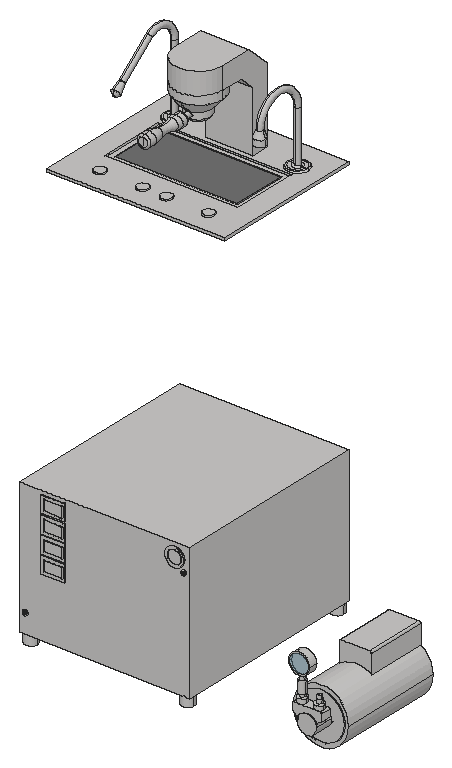
Revit family "QF_MAVAN_SINGLE GROUP", category Specialty Equipment, Revit 2016
Family settings
  Part Type = Normal
  Round Connector Dimension = Use Diameter
  Work Plane-Based = No
  Always vertical = Yes
  Cut with Voids When Loaded = No
  Shared = No
  Room Calculation Point = No
Parameters
  Weight in Pounds = 0
  Watts = if(Phase = 3, Volts * FL Amps * 1.73, Volts * FL Amps)  # 4800 W
  Waste Water Discharge Temperature = 0 °F
  Volts = 240 V
  URL Cutsheet = ""
  Specification by User = ""
  Specification by Manufacturer = ""
  Serial Number = ""
  Seismic Rating = ""
  SMACNA No = ""
  Revision Code = ""
  Plumbing Remarks = ""
  Plumbing Connection Type = ""
  Phase = 1
  Number of Poles = 1
  NAFEM Spec ID Number = ""
  Model = "SINGLE GROUP"
  Min Ckt Ampacity = 0 A
  Max Overcurrent Protection = 0 A
  Masterspec = ""
  Manufacturer = "MAVAM"
  Length = 16"
  Item Number = ""
  Installed By = ""
  Indirect Waste Size = 3/4"
  Indirect Waste Flow = 0 GPM
  Indirect Waste Connection Type = ""
  Indirect Waste Connection Height = 0"
  Identify Quantity as Lot = yes
  Height = 9"
  HP = ""
  Furnished By = ""
  Foodservice Equipment Identifier = yes
  FL Amps = 20 A
  Electrical Remarks = ""
  Electric Connection Type = ""
  Elec Conn RI Height = 0"
  Elec Conn Connection Height = 0"
  Depth = 14"
  Cycle = 60 Hz
  Conn Plug = ""
  Conn Conduit = yes
  Cold Water Temperature Recommended = 0 °F
  Cold Water Size = 1/2"
  Cold Water RI Height = 0"
  Cold Water Minimum Pressure = 0.00 psi
  Cold Water Maximum Pressure = 0.00 psi
  Cold Water Flow = 0 GPM
  Cold Water Consumption = ""
  Cold Water Connection Height = 0"
  CSI MasterFormat = ""
  Apparent Power = if(Phase = 3, Volts * FL Amps * 1.73, Volts * FL Amps)  # 4800 VA
Reference planes (in)
  plane 1 "BACK": y = 0
  plane 2: z = 0
  plane 3 "LEFT": x = 0
  plane 4 "RIGHT": x = 16
  plane 5 "FRONT": y = -14
  plane 6 "TOP": z = 9
  plane 7 "Center Y": x = 8
  plane 8 "Center X": y = -7
  plane 9: z = 0.12567
  plane 10: z = -36
Forms (in)
  Extrusion 1, solid, material "QF_Metal - Stainless - Polished"
    sketch origin (0, 0, 0) x (1, 0, 0) y (0, 1, 0)
      loop
        line (0, 0) -> (0, -14) -> (16, -14) -> (16, 0) -> (0, 0)
      loop
        line (2, -4) -> (2, -10) -> (14, -10) -> (14, -4) -> (2, -4)
    from 0 to 0.25135
  Extrusion 2, solid, material "QF_Metal - Stainless - Polished"
    sketch origin (0, 0, 0) x (0, 1, 0) y (1, 0, 0)
      loop
        line (-4, 2) -> (-4, 14) -> (-10, 14) -> (-10, 2) -> (-4, 2)
      loop
        line (-4.5, 13.5) -> (-9.5, 13.5) -> (-9.5, 2.5) -> (-4.5, 2.5) -> (-4.5, 13.5)
    from 0 to -0.12567
  Revolve 3, solid, material "QF_Metal - Stainless - Polished"
    sketch origin (8, 0, 0) x (0, 1, 0) y (0, 0, 1)
      loop
        line (-7, 6.27899) -> (-9.09163, 6.27899)
        arc (-9.09163, 6.27899) -> (-8.64586, 5.66447) -> (-8.09936, 5.13751) r 4.31841
        line (-8.09936, 5.13751) -> (-8.09936, 4.5346) -> (-7.84375, 4.27899) -> (-7, 4.27899) -> (-7, 6.27899)
      axis (-7, 4.27899) -> (-7, 6.27899)
    angle from 0 to 360
  Extrusion 4, solid, material "QF_Metal - Stainless - Polished"
    sketch origin (0, 0, 0) x (1, 0, 0) y (0, 1, 0)
      loop
        circle (8, -6.94694) r 2.14469
    from 7.02899 to 6.27899
  Revolve 5, solid, material "QF_Metal - Stainless - Polished"
    sketch origin (8, 0, 0) x (0, 1, 0) y (0, 0, 1)
      loop
        line (-7.90149, 5.07611) -> (-8.84936, 5.07611) -> (-8.84936, 5.30772)
        arc (-8.84936, 5.30772) -> (-8.8755, 5.37085) -> (-8.93862, 5.39699) r 0.08927
        line (-8.93862, 5.39699) -> (-9.4544, 5.39699)
        arc (-9.4544, 5.39699) -> (-9.69042, 5.3759) -> (-9.91897, 5.31329) r 1.33104
        arc (-9.91897, 5.31329) -> (-10.74658, 5.15179) -> (-11.58214, 5.26521) r 2.58527
        arc (-11.58214, 5.26521) -> (-12.01507, 5.36386) -> (-12.45786, 5.39699) r 2.97553
        line (-12.45786, 5.39699) -> (-13.06483, 5.39699)
        arc (-13.06483, 5.39699) -> (-13.15455, 5.35983) -> (-13.19172, 5.2701) r 0.12689
        line (-13.19172, 5.2701) -> (-13.19172, 4.83605) -> (-7.90149, 4.83605) -> (-7.90149, 5.07611)
      axis (-13.19172, 4.83605) -> (-7.90149, 4.83605)
    angle from 0 to 360
  Extrusion 6, solid, material "QF_Rubber - Black - Smooth"
    sketch origin (0, 0, 0.12567) x (0, 1, 0) y (-1, 0, 0)
      loop
        line (-4.5, -2.5) -> (-9.5, -2.5) -> (-9.5, -13.5) -> (-4.5, -13.5) -> (-4.5, -2.5)
    from 0 to -0.12567
  Sweep 7, solid, material "QF_Metal - Stainless - Polished"
    path origin (13.5625, 0, 0) x (0, 1, 0) y (0, 0, -1)
      loop
        line (-2.75, 0.12438) -> (-2.75, -5.12562)
        arc (-2.75, -5.12562) -> (-4.875, -7.25062) -> (-7, -5.12562) r 2.125
    profile origin (13.5625, -2.75, 2.50062) x (0, 1, 0) y (-1, 0, 0)
      loop
        circle (0, 0) r 0.25
  Revolve 8, solid, material "QF_Metal - Stainless - Polished"
    sketch origin (-10.88143, -7, 47.9375) x (-1, 0, 0) y (0, 0, 1)
      loop
        line (-24.44393, -43.99254) -> (-23.92904, -43.99254) -> (-23.92904, -43.46169) -> (-24.1965, -42.81188) -> (-24.44393, -42.81188) -> (-24.44393, -43.99254)
      axis (-24.44393, -43.99254) -> (-24.44393, -42.81188)
    angle from 0 to 360
  Revolve 9, solid, material "QF_Metal - Stainless - Polished"
    sketch origin (0, -2.75, 0.25135) x (0, 0, 1) y (1, 0, 0)
      loop
        line (0, 13.5625) -> (0, 12.59083) -> (0.07851, 12.66934)
        arc (0.07851, 12.66934) -> (0.1051, 12.70913) -> (0.11444, 12.75607) r 0.12265
        line (0.11444, 12.75607) -> (0.11444, 13.12999) -> (0.18533, 13.25279) -> (0.18533, 13.5625) -> (0, 13.5625)
      axis (0, 13.5625) -> (0.18533, 13.5625)
    angle from 0 to 360
  Sweep 10, solid, material "QF_Metal - Stainless - Polished"
    path origin (2.4375, 0, 0) x (0, 1, 0) y (0, 0, 1)
      loop
        line (-2.75, -0.12438) -> (-2.75, 6.69782)
        arc (-2.75, 6.69782) -> (-3.73285, 8.27071) -> (-5.57741, 8.07684) r 1.75
        line (-5.57741, 8.07684) -> (-8.61805, 5.70123)
    profile origin (2.4375, -2.75, 3.28672) x (0, -1, 0) y (1, 0, 0)
      loop
        circle (0, 0) r 0.25
  Revolve 11, solid, material "QF_Metal - Stainless - Polished"
    sketch origin (16, -2.75, 0.25135) x (0, 0, 1) y (1, 0, 0)
      loop
        line (0, -13.5625) -> (0.18533, -13.5625) -> (0.18533, -13.25279) -> (0.11444, -13.12999) -> (0.11444, -12.75607)
        arc (0.11444, -12.75607) -> (0.1051, -12.70913) -> (0.07851, -12.66934) r 0.12265
        line (0.07851, -12.66934) -> (0, -12.59083) -> (0, -13.5625)
      axis (0, -13.5625) -> (0.18533, -13.5625)
    angle from 0 to 360
  Revolve 12, solid, material "QF_Metal - Stainless - Polished"
    sketch origin (2.4375, -180, 5.89823) x (0, 0, 1) y (0, -1, 0)
      loop
        line (-0.90922, -170.47036) -> (-1.00327, -170.58244) -> (-1.03245, -170.9405) -> (-0.39401, -171.53586) -> (-0.197, -171.38195) -> (-0.90922, -170.47036)
      axis (-0.197, -171.38195) -> (-0.90922, -170.47036)
    angle from 0 to 360
  Extrusion 13, solid, material "QF_Metal - Stainless - Polished"
    sketch origin (0, 0, 0.25135) x (1, 0, 0) y (0, 1, 0)
      loop
        circle (3.10599, -11.95223) r 0.5
      loop
        circle (6.96283, -11.95223) r 0.5
      loop
        circle (9.09967, -11.95223) r 0.5
      loop
        circle (12.89401, -11.95223) r 0.5
    from 0 to 0.0625
  Extrusion 14, solid, material "QF_Metal - Stainless - Polished"
    sketch origin (0, 0, 0) x (1, 0, 0) y (0, 1, 0)
      loop
        circle (8, -7) r 0.25
    from 0 to -0.03558
  Extrusion 15, solid, material "QF_Metal - Stainless - Polished"
    sketch origin (5.85531, -0.625, 0) x (0, -1, 0) y (0, 0, 1)
      loop
        line (9.46663, 9) -> (3.34601, 9) -> (1.375, 7.02899) -> (1.375, 0.25135) -> (2.875, 0.25135) -> (2.875, 5.74476) -> (4.15923, 7.02899) -> (9.46663, 7.02899) -> (9.46663, 9)
    from 0 to -4.28939
  Extrusion 16, void
    sketch origin (5.85531, -9.09163, 9) x (-1, 0, 0) y (0, 1, 0)
      loop
        arc (0, 2.14469) -> (-2.14469, 0) -> (-4.28939, 2.14469) r 2.14469
        line (-4.28939, 2.14469) -> (-5.28939, 2.14469) -> (-5.28939, -2.10531) -> (1, -2.10531) -> (1, 2.14469) -> (0, 2.14469)
    from 0 to 3
Cuts and joins
  Extrusion 16 cuts Extrusion 1
  Extrusion 16 cuts Sweep 7
  Extrusion 16 cuts Sweep 10
  joined: Extrusion 1, Sweep 7, Sweep 10
  Extrusion 16 cuts Extrusion 2
  Extrusion 16 cuts Revolve 5
  Extrusion 16 cuts Extrusion 6
  Extrusion 16 cuts Extrusion 15
Lines and regions (in)
  Split face 1
    outline origin (0, 0, 0.25135) x (1, 0, 0) y (0, 1, 0)
      loop
        line (4.34801, -11.60618) -> (4.34801, -12.26243) -> (5.69102, -12.26243) -> (5.69102, -11.60618) -> (4.34801, -11.60618)
  symbolic lines
    curve 1: line (0, 0, 0) -> (16, 0, 0)
    curve 2: line (0, -14, 0) -> (0, 0, 0)
    curve 3: line (16, -14, 0) -> (0, -14, 0)
    curve 4: line (16, 0, 0) -> (16, -14, 0)
    curve 5: line (5.85531, -2, 0) -> (5.85531, -6.94694, 0)
    curve 6: arc (5.85531, -6.94694, 0) -> (8, -9.09163, 0) -> (10.14469, -6.94694, 0) r 2.14469
    curve 7: line (10.14469, -6.94694, 0) -> (10.14469, -2, 0)
    curve 8: line (10.14469, -2, 0) -> (5.85531, -2, 0)
    curve 9: line (2, -10, 0) -> (2, -4, 0)
    curve 10: line (14, -10, 0) -> (8.45236, -10, 0)
    curve 11: line (14, -4, 0) -> (14, -6.72251, 0)
    curve 12: line (2, -4, 0) -> (2.19072, -4, 0)
    curve 13: circle (3.10599, -11.95223, 0) r 0.5 normal (0, 0, 1)
    curve 14: circle (6.96283, -11.95223, 0) r 0.5 normal (0, 0, 1)
    curve 15: circle (9.09967, -11.95223, 0) r 0.5 normal (0, 0, 1)
    curve 16: circle (12.89401, -11.95223, 0) r 0.5 normal (0, 0, 1)
    curve 17: line (5.69102, -11.60618, 0) -> (4.34801, -11.60618, 0)
    curve 18: line (4.34801, -11.60618, 0) -> (4.34801, -12.26243, 0)
    curve 19: line (4.34801, -12.26243, 0) -> (5.69102, -12.26243, 0)
    curve 20: line (5.69102, -12.26243, 0) -> (5.69102, -11.60618, 0)
    curve 21: line (7.44257, -9.01792, 0) -> (7.44257, -9.59051, 0)
    curve 22: line (7.43297, -13.06181, 0) -> (7.43297, -12.32819, 0)
    curve 23: arc (7.64046, -11.30101, 0) -> (7.51412, -11.81004, 0) -> (7.43297, -12.32819, 0) r 5.96485
    curve 24: arc (7.52348, -9.92922, 0) -> (7.5358, -9.96452, 0) -> (7.54764, -10, 0) r 2.70145
    curve 25: arc (7.52348, -9.92922, 0) -> (7.47385, -9.76205, 0) -> (7.44257, -9.59051, 0) r 1.6117
    curve 26: arc (7.54764, -10, 0) -> (7.67375, -10.64482, 0) -> (7.64046, -11.30101, 0) r 2.70145
    curve 27: line (7.54764, -10, 0) -> (2, -10, 0)
    curve 28: line (8.42745, -13.19022, 0) -> (7.56138, -13.19022, 0)
    curve 29: arc (7.56138, -13.19022, 0) -> (7.47058, -13.15261, 0) -> (7.43297, -13.06181, 0) r 0.12841
    curve 30: line (8.55743, -9.01792, 0) -> (8.55743, -9.59051, 0)
    curve 31: line (8.56703, -13.06181, 0) -> (8.56703, -12.32819, 0)
    curve 32: arc (8.35954, -11.30101, 0) -> (8.48588, -11.81004, 0) -> (8.56703, -12.32819, 0) r 5.96485
    curve 33: arc (8.47652, -9.92922, 0) -> (8.4642, -9.96452, 0) -> (8.45236, -10, 0) r 2.70145
    curve 34: arc (8.47652, -9.92922, 0) -> (8.52615, -9.76205, 0) -> (8.55743, -9.59051, 0) r 1.6117
    curve 35: arc (8.45236, -10, 0) -> (8.32625, -10.64482, 0) -> (8.35954, -11.30101, 0) r 2.70145
    curve 36: arc (8.43862, -13.19022, 0) -> (8.52942, -13.15261, 0) -> (8.56703, -13.06181, 0) r 0.12841
    curve 37: arc (13.31813, -6.54889, 0) -> (13.57062, -7.51485, 0) -> (13.80687, -6.54478, 0) r 0.51487
    curve 38: line (13.31813, -2.76001, 0) -> (13.31813, -7.00429, 0)
    curve 39: line (13.80687, -2.76001, 0) -> (13.80687, -7.00429, 0)
    curve 40: arc (13.80687, -3.68781, 0) -> (13.57364, -1.79489, 0) -> (13.31813, -3.68494, 0) r 0.96154
    curve 41: line (13.80687, -4, 0) -> (14, -4, 0)
    curve 42: arc (13.31813, -7.00429, 0) -> (13.5625, -7.24866, 0) -> (13.80687, -7.00429, 0) r 0.24437
    curve 43: arc (13.31813, -2.94028, 0) -> (13.5625, -2.44029, 0) -> (13.80687, -2.94028, 0) r 0.30971
    curve 44: arc (13.31813, -3.10187, 0) -> (13.5625, -2.31749, 0) -> (13.80687, -3.10187, 0) r 0.43026
    curve 45: line (14, -7.27749, 0) -> (14, -10, 0)
    curve 46: line (2.19072, -2.74981, 0) -> (2.19072, -4, 0)
    curve 47: line (2.04681, -9.29276, 0) -> (2.19072, -8.62821, 0)
    curve 48: arc (2.19373, -9.48168, 0) -> (2.0937, -9.40788, 0) -> (2.04681, -9.29276, 0) r 0.22953
    curve 49: arc (2.19373, -9.48168, 0) -> (2.43845, -9.53548, 0) -> (2.68303, -9.48101, 0) r 0.57984
    curve 50: line (2.82819, -9.29276, 0) -> (2.68428, -8.62821, 0)
    curve 51: arc (2.68303, -9.48101, 0) -> (2.78187, -9.40714, 0) -> (2.82819, -9.29276, 0) r 0.22953
    curve 52: line (2.68428, -2.74981, 0) -> (2.68428, -4, 0)
    curve 53: line (5.85531, -4.5, 0) -> (2.68428, -4.5, 0)
    curve 54: line (13.31813, -4.5, 0) -> (10.14469, -4.5, 0)
    curve 55: line (13.5, -9.5, 0) -> (8.55743, -9.5, 0)
    curve 56: line (13.5, -9.5, 0) -> (13.5, -7.51059, 0)
    curve 57: line (7.44257, -9.5, 0) -> (2.63738, -9.5, 0)
    curve 58: arc (3.40917, -2.75, 0) -> (2.4375, -1.77833, 0) -> (1.46583, -2.75, 0) r 0.97167
    curve 59: arc (1.46583, -2.75, 0) -> (1.6681, -3.34345, 0) -> (2.19072, -3.68981, 0) r 0.97167
    curve 60: arc (2.19072, -2.93714, 0) -> (2.4375, -2.44029, 0) -> (2.68428, -2.93714, 0) r 0.30971
    curve 61: arc (2.19072, -3.09913, 0) -> (2.4375, -2.31749, 0) -> (2.68428, -3.09913, 0) r 0.42978
    curve 62: arc (2.68428, -3.68981, 0) -> (3.2069, -3.34345, 0) -> (3.40917, -2.75, 0) r 0.97167
    curve 63: line (10.14469, -4, 0) -> (13.31813, -4, 0)
    curve 64: line (2.19072, -4, 0) -> (2.19072, -8.62821, 0)
    curve 65: line (2.68428, -4, 0) -> (2.68428, -8.62821, 0)
    curve 66: line (2.68428, -4, 0) -> (5.85531, -4, 0)
Dimensions and locks (in)
  equal spacing: plane 3 "LEFT", plane 7 "Center Y", plane 4 "RIGHT"
  "Length": plane 3 "LEFT" to plane 4 "RIGHT"
  equal spacing: plane 5 "FRONT", plane 8 "Center X", plane 1 "BACK"
  "Depth": plane 5 "FRONT" to plane 1 "BACK"
  "Height": plane 6 "TOP" to level
  locked: level to plane 10 at 36
  aligned and locked: plane 2 to level
  aligned and locked: plane 10 to nested 1
Automatic sketch dimensions
  Extrusion 1 sketch curve to plane 3 "LEFT" = 0"
  plane 1 "BACK" to Extrusion 1 sketch curve = 0"
  Extrusion 1 sketch curve to plane 4 "RIGHT" = 0"
  plane 5 "FRONT" to Extrusion 1 sketch curve = 0"
  plane 3 "LEFT" to Extrusion 1 sketch curve = 2"
  plane 4 "RIGHT" to Extrusion 1 sketch curve = 2"
  Extrusion 1 sketch curve to plane 8 "Center X" = 3"
  plane 8 "Center X" to Extrusion 1 sketch curve = 3"
  Extrusion 2 sketch curve to Extrusion 1 = 0"  (x4)
  Extrusion 2 sketch curve to Extrusion 1 = 1/2"  (x4)
  Revolve 3 sketch curve to plane 8 "Center X" = 0"  (x2)
  Revolve 3 sketch curve to plane 8 "Center X" = 27/32"
  Revolve 3 sketch curve to Revolve 3 sketch curve = 0.25561"  (x2)
  Revolve 3 sketch curve to Revolve 3 sketch curve = 0.99227"
  Revolve 3 sketch curve to plane 6 "TOP" = 0.5024"
  plane 8 "Center X" to Revolve 3 sketch curve = 1 157/256"
  Revolve 3 sketch curve to Revolve 3 sketch curve = 0.60291"
  Revolve 3 sketch curve to Revolve 3 sketch curve = 0"
  Revolve 5 sketch curve to plane 5 "FRONT" = 0.80828"
  Revolve 5 sketch curve to Revolve 5 sketch curve = 0.12689"
  Revolve 5 sketch curve to plane 5 "FRONT" = 1.54214"
  Revolve 5 sketch curve to Revolve 5 sketch curve = 1.63658"
  Revolve 5 sketch curve to plane 8 "Center X" = 2.4544"
  Revolve 5 sketch curve to Revolve 5 sketch curve = 0.51578"
  Revolve 5 sketch curve to Revolve 5 sketch curve = 0.08927"
  Revolve 5 sketch curve to plane 8 "Center X" = 0.90149"
  Revolve 5 sketch curve to Revolve 5 sketch curve = 0.23161"
  Revolve 5 sketch curve to Revolve 5 sketch curve = 0.24006"
  Revolve 5 sketch curve to Revolve 5 sketch curve = 1.01016"
  plane 9 to Revolve 5 sketch curve = 2.29578"
  Revolve 5 sketch curve to Revolve 5 sketch curve = 0"  (x2)
  Revolve 5 sketch curve to Revolve 5 sketch curve = 0.19787"
  Revolve 5 sketch curve to Revolve 5 sketch curve = 0.38378"
  Extrusion 6 sketch curve to Extrusion 2 = 0"  (x3)
  Extrusion 2 to Extrusion 6 sketch curve = 0"
  profile plane to Sweep 7 sketch curve = 0"
  Sweep 7 sketch curve to profile plane = 0"
  plane 9 to Revolve 9 sketch curve = 0.11747"
  plane 9 to Revolve 9 sketch curve = 0.12567"
  Revolve 9 sketch curve to Revolve 9 sketch curve = 0.07851"  (x2)
  plane 9 to Revolve 9 sketch curve = 0.24011"
  Revolve 9 sketch curve to Revolve 9 sketch curve = 0.0709"  (x2)
  Revolve 9 sketch curve to Revolve 9 sketch curve = 0.37392"
  Revolve 9 sketch curve to Revolve 9 sketch curve = 0.1228"
  Revolve 9 sketch curve to Revolve 9 sketch curve = 0.30971"
  Revolve 9 sketch curve to Revolve 9 sketch curve = 0.14354"
  Revolve 9 sketch curve to Revolve 9 sketch curve = 0"
  Sweep 10 sketch curve to profile plane = 0"  (x2)
  plane 9 to Revolve 11 sketch curve = 0.11747"
  plane 9 to Revolve 11 sketch curve = 0.12567"
  Revolve 11 sketch curve to Revolve 11 sketch curve = 0.07851"  (x2)
  plane 9 to Revolve 11 sketch curve = 0.24011"
  Revolve 11 sketch curve to Revolve 11 sketch curve = 0.0709"  (x2)
  plane 3 "LEFT" to Revolve 11 sketch curve = 2 7/16"
  Revolve 11 sketch curve to Revolve 11 sketch curve = 0.30971"
  Revolve 11 sketch curve to Revolve 11 sketch curve = 0.1228"
  Revolve 11 sketch curve to Revolve 11 sketch curve = 0.37392"
  Revolve 11 sketch curve to Revolve 11 sketch curve = 0.14354"
  Revolve 11 sketch curve to Revolve 11 sketch curve = 0"
  plane 4 "RIGHT" to Revolve 8 sketch curve = 2 7/16"
  Revolve 8 sketch curve to Revolve 8 sketch curve = 0.51489"
  Revolve 8 sketch curve to Revolve 8 sketch curve = 0.53084"
  Revolve 8 sketch curve to Revolve 8 sketch curve = 0.64981"
  Revolve 8 sketch curve to Revolve 8 sketch curve = 0"  (x2)
  Revolve 8 sketch curve to Revolve 8 sketch curve = 0.24743"
  Revolve 8 sketch curve to Revolve 8 sketch curve = 0.42581"
  plane 9 to Revolve 12 sketch curve = 4.76929"
  Revolve 12 sketch curve to Revolve 12 sketch curve = 0.09405"
  Revolve 12 sketch curve to plane 8 "Center X" = 1.46414"
  Revolve 12 sketch curve to Revolve 12 sketch curve = 0.60926"
  Revolve 12 sketch curve to plane 8 "Center X" = 1.61805"  (x2)
  Revolve 12 sketch curve to Revolve 12 sketch curve = 0.197"
  Revolve 12 sketch curve to Revolve 12 sketch curve = 0.11209"
  Revolve 12 sketch curve to Revolve 12 sketch curve = 0.02919"
  Revolve 12 sketch curve to Revolve 12 sketch curve = 0.23926"
  Revolve 12 sketch curve to Revolve 12 sketch curve = 0"
  Revolve 12 sketch curve to Revolve 12 sketch curve = 0.30624"
  Revolve 12 sketch curve to Revolve 12 sketch curve = 0.35806"
  plane 4 "RIGHT" to Revolve 9 sketch curve = 3.40917"
  Extrusion 1 to Extrusion 13 sketch curve = 1.10599"  (x2)
  Extrusion 13 sketch curve to Extrusion 13 sketch curve = 3.85684"
  Extrusion 13 sketch curve to Extrusion 13 sketch curve = 2.13684"
  Extrusion 13 sketch curve to Extrusion 1 = 1.95223"  (x4)
  Extrusion 1 to Split face 1 sketch curve = 2.34801"
  Split face 1 sketch curve to Split face 1 sketch curve = 1.34301"
  Split face 1 sketch curve to Extrusion 1 = 1.73757"
  Split face 1 sketch curve to Split face 1 sketch curve = 21/32"
  curve 24 to curve 26 = 0"  (x2)
  curve 33 to curve 35 = 0"  (x2)
  curve 58 to curve 60 = 0"  (x2)
  curve 3 to plane 3 "LEFT" = 0"
  curve 6 to plane 7 "Center Y" = 0"
  curve 37 to plane 8 "Center X" = 0"
  curve 3 to plane 4 "RIGHT" = 0"
  plane 5 "FRONT" to curve 4 = 0"
  plane 1 "BACK" to curve 4 = 0"
  plane 3 "LEFT" to curve 12 = 2"
  curve 9 to curve 47 = 0.04681"
  curve 48 to curve 64 = 0.1439"
  curve 47 to curve 48 = 0.22808"
  curve 46 to curve 59 = 0.24678"
  curve 61 to curve 58 = 0"
  curve 48 to curve 49 = 0.16277"
  curve 48 to curve 51 = 0.32522"
  curve 32 to plane 5 "FRONT" = 1.00893"
  plane 3 "LEFT" to curve 32 = 2.63913"
  curve 49 to curve 65 = 0.24663"
  curve 51 to curve 50 = 0.22808"
  curve 32 to curve 13 = 0.46687"
  curve 13 to curve 18 = 1.24201"
  curve 17 to curve 26 = 0.63114"
  curve 24 to curve 17 = 0.71187"
  plane 8 "Center X" to curve 5 = 0.05306"
  curve 5 to plane 7 "Center Y" = 2.14469"
  curve 34 to plane 7 "Center Y" = 1.04144"
  curve 14 to plane 7 "Center Y" = 1.03717"
  curve 22 to plane 7 "Center Y" = 0.56703"
  curve 34 to curve 21 = 0.48401"
  curve 21 to curve 27 = 0.10507"
  curve 29 to curve 28 = 0.12841"
  plane 7 "Center Y" to curve 36 = 0.43862"
  plane 7 "Center Y" to curve 10 = 0.45236"
  curve 10 to curve 30 = 0.10507"
  plane 7 "Center Y" to curve 31 = 0.56703"
  curve 55 to curve 25 = 0.48401"
  curve 32 to curve 15 = 0.53264"
  curve 15 to curve 35 = 1.92118"
  curve 35 to curve 16 = 1.87315"
  curve 38 to plane 8 "Center X" = 0.00429"
  plane 4 "RIGHT" to curve 38 = 2.68187"
  curve 23 to plane 5 "FRONT" = 1.00893"
  curve 16 to curve 23 = 0.46687"
  plane 4 "RIGHT" to curve 55 = 2 1/2"
  curve 38 to curve 44 = 0.24437"
  curve 42 to curve 42 = 0.24437"
  curve 43 to curve 44 = 0"
  curve 42 to curve 37 = 0.0038"
  curve 43 to curve 40 = 0.00547"
  curve 55 to curve 45 = 1/2"
  curve 41 to curve 41 = 0.19313"
  curve 28 to plane 5 "FRONT" = 0.80978"
  curve 28 to curve 31 = 0.12841"
  curve 22 to curve 22 = 0.73362"
  curve 36 to curve 31 = 0.73362"
  curve 20 to plane 5 "FRONT" = 1.73757"
  curve 32 to curve 13 = 1.03884"
  curve 22 to curve 14 = 0.37596"
  curve 32 to curve 15 = 0.37596"
  curve 23 to curve 16 = 1.03884"
  curve 18 to curve 18 = 21/32"
  curve 16 to curve 35 = 1.11516"
  curve 17 to curve 26 = 0.76911"
  curve 10 to curve 30 = 0.98208"
  curve 13 to curve 9 = 1.95223"
  curve 27 to curve 21 = 0.40949"
  curve 10 to curve 30 = 0.40949"
  curve 10 to curve 56 = 1/2"
  curve 25 to curve 34 = 0.20293"
  curve 55 to curve 25 = 0.11241"
  curve 9 to curve 50 = 0.70724"
  curve 9 to curve 47 = 0.70724"
  curve 51 to curve 51 = 0.02578"
  curve 47 to curve 48 = 0.02578"
  curve 51 to curve 49 = 0.31134"
  curve 49 to curve 64 = 0.32743"
  curve 49 to curve 65 = 0.32743"
  plane 8 "Center X" to curve 12 = 3"
  curve 63 to curve 41 = 0"
  curve 41 to curve 40 = 1.24358"
  curve 9 to curve 59 = 1 1/4"
  curve 40 to curve 43 = 0.00642"
  curve 43 to curve 44 = 0.00225"
  curve 58 to curve 61 = 0.00274"
  plane 1 "BACK" to curve 8 = 2"
  curve 59 to curve 46 = 0.72489"
  curve 49 to curve 48 = 0.08116"
  curve 57 to curve 49 = 0.04565"
  curve 28 to curve 36 = 0.01117"
  curve 56 to curve 42 = 0.50629"
  curve 7 to curve 54 = 2.44694"
  curve 53 to curve 9 = 1/2"
  curve 41 to curve 40 = 0.31219"
  curve 44 to curve 40 = 0.34545"
  curve 61 to curve 60 = 0.34913"
  curve 44 to curve 43 = 0.16159"
  curve 61 to curve 60 = 0.16199"
  curve 43 to curve 39 = 0.18027"
  curve 43 to curve 38 = 0.18027"
  curve 60 to curve 52 = 0.18733"
  curve 60 to curve 46 = 0.18733"
  Sweep 7 sketch curve to plane 8 "Center X" = 0"
  Sweep 7 sketch curve to Sweep 7 sketch curve = 2 1/8"
  Sweep 7 sketch curve to level = 0.12438"
  plane 8 "Center X" to Sweep 10 sketch curve = 1.42259"
  Sweep 10 sketch curve to Sweep 10 sketch curve = 1.07741"
  Sweep 10 sketch curve to Sweep 10 sketch curve = 1 3/4"
  Sweep 10 sketch curve to plane 8 "Center X" = 1.61805"
  Sweep 10 sketch curve to level = 0.12438"
  curve 54 to curve 11 = 1/2"
  curve 58 to curve 62 = 0"
  curve 59 to curve 62 = 0"
  curve 52 to curve 62 = 0.31019"
  Extrusion 14 sketch curve to plane 7 "Center Y" = 0"
  Extrusion 14 sketch curve to plane 8 "Center X" = 0"
  Revolve 3 sketch curve to Revolve 3 sketch curve = 0.64299"
  Revolve 5 sketch curve to Revolve 5 sketch curve = 1.6445"
  Revolve 5 sketch curve to Revolve 5 sketch curve = 0.43405"
  plane 9 to Revolve 8 sketch curve = 3.81929"
  Revolve 3 sketch curve to plane 6 "TOP" = 2.72101"
  Revolve 5 sketch curve to plane 6 "TOP" = 1.26402"
  Sweep 7 sketch curve to plane 6 "TOP" = 3.87438"
  Sweep 10 sketch curve to plane 6 "TOP" = 2.30218"
  Sweep 10 sketch curve to plane 6 "TOP" = 3.29877"
  Extrusion 15 sketch curve to Extrusion 15 sketch curve = 5.3074"
  Extrusion 15 sketch curve to Extrusion 15 sketch curve = 5.49341"
  Extrusion 16 sketch curve to Extrusion 15 = 0"  (x2)
  Extrusion 16 sketch curve to Extrusion 15 = 1"
  Extrusion 16 sketch curve to Extrusion 16 sketch curve = 1"
  Extrusion 15 to Extrusion 16 sketch curve = 2.97593"
  Extrusion 16 sketch curve to Extrusion 15 = 1.10531"
  Extrusion 15 sketch curve to plane 6 "TOP" = 0"
  plane 1 "BACK" to Extrusion 15 sketch curve = 2"
  Extrusion 15 sketch curve to Extrusion 15 sketch curve = 1 1/2"
  Extrusion 15 sketch curve to Extrusion 15 sketch curve = 1.97101"
  Extrusion 15 sketch curve to Extrusion 15 sketch curve = 1.28423"  (x2)
  Extrusion 15 sketch curve to plane 6 "TOP" = 1.97101"  (x2)
  Extrusion 4 sketch curve to plane 7 "Center Y" = 0"
  plane 8 "Center X" to Extrusion 4 sketch curve = 0.05306"
  radius of Sweep 7 sketch curve = 1/4"
  radius of Sweep 10 sketch curve = 1/4"
  radius of Extrusion 13 sketch curve = 1/2"  (x4)
  radius of curve 13 = 1/2"
  radius of curve 14 = 1/2"
  radius of curve 15 = 1/2"
  radius of curve 16 = 1/2"
  radius of Extrusion 14 sketch curve = 1/4"
  radius of Extrusion 4 sketch curve = 2.14469"
Nested families (in)
  nested 1: "BOILET UNIT" at (0, 0, -36), type "BOILET UNIT"
  nested 2: "PUMP" at (24.11615, -7, -36), type "PUMP"
Connectors (in)
  piping at (13.5625, -2.75, -0.12438), diameter 0.5, driven by "Cold Water Size"
    settings: on cut or joined group of Extrusion 1, Sweep 7, Sweep 10, Extrusion 16, index 1, connector inside diameter 24", connector length 0", flow factor 0, pipe flow 0 GPM, pressure drop 0.00 psi, fitting loss kfactor 0, connector angle 0.00°, fixture units 0, engagement length 0", angle of deflection 0.00°, flow configuration 0, flow direction 0, fitting loss method 0, system type 7, joint type 0, gender type 0, connector reference index -1, connector utility 0, adjustable connector no, is connector primary yes, connector description "COLD WATER CONNECTION"
  piping at (2.4375, -2.75, -0.12438), diameter 0.5, driven by "Cold Water Size"
    settings: on cut or joined group of Extrusion 1, Sweep 7, Sweep 10, Extrusion 16, index 2, connector inside diameter 24", connector length 0", flow factor 0, pipe flow 0 GPM, pressure drop 0.00 psi, fitting loss kfactor 0, connector angle 0.00°, fixture units 0, engagement length 0", angle of deflection 0.00°, flow configuration 1, flow direction 1, fitting loss method 0, system type 20, joint type 0, gender type 0, connector reference index -1, connector utility 0, adjustable connector no, is connector primary no, connector description "COLD WATER CONNECTION"
  piping at (8, -7, -0.03558), diameter 0.75, driven by "Indirect Waste Size"
    settings: on Extrusion 14, index 3, connector inside diameter 24", connector length 0", flow factor 0, pipe flow 0 GPM, pressure drop 0.00 psi, fitting loss kfactor 0, connector angle 0.00°, fixture units 0, engagement length 0", angle of deflection 0.00°, flow configuration 1, flow direction 2, fitting loss method 0, system type 16, joint type 0, gender type 0, connector reference index -1, connector utility 0, adjustable connector no, is connector primary no, connector description "DRAIN"
  electrical at (14.70194, -18.0625, -24.17148)
    settings: on nested 1, index 4, voltage 0 V, apparent load 0 VA, apparent load phase1 0 VA, apparent load phase2 0 VA, apparent load phase3 0 VA, power factor 1, load classification "Other", number of poles 1, system type 31, power factor state 1, is connector primary yes, connector utility no, sub classification motor no, connector description ""
Definition of nested family "BOILET UNIT"
  Parameters (values of type "BOILET UNIT")
    Weight in Pounds = 0
    URL Cutsheet = ""
    Specification by User = ""
    Specification by Manufacturer = ""
    Serial Number = ""
    Seismic Rating = ""
    SMACNA No = ""
    Revision Code = ""
    NAFEM Spec ID Number = ""
    Model = ""
    Masterspec = ""
    Manufacturer = ""
    Length = 16"
    Item Number = ""
    Installed By = ""
    Identify Quantity as Lot = yes
    Height = 13"
    Furnished By = ""
    Foodservice Equipment Identifier = yes
    Depth = 18"
    CSI MasterFormat = ""
  Reference planes (in)
    plane 1 "BACK": y = 0
    plane 2: z = 0
    plane 3 "LEFT": x = 0
    plane 4 "RIGHT": x = 16
    plane 5 "FRONT": y = -18
    plane 6 "TOP": z = 13
    plane 7 "Center Y": x = 8
    plane 8 "Center X": y = -9
  Forms (in)
    Extrusion 1, solid
      sketch origin (0, 0, 0) x (1, 0, 0) y (0, 0, 1)
        loop
          line (0.75, 13) -> (0.75, 0.85069) -> (16, 0.85069) -> (16, 13) -> (0.75, 13)
      from 0 to 18
    Extrusion 2, solid
      sketch origin (0, -18, 0) x (1, 0, 0) y (0, 0, 1)
        loop
          line (2.68282, 12.66748) -> (2.68282, 11.16748) -> (4.81494, 11.16748) -> (4.81494, 12.66748) -> (2.68282, 12.66748)
        loop
          line (2.68282, 11.01988) -> (2.68282, 9.51988) -> (4.81494, 9.51988) -> (4.81494, 11.01988) -> (2.68282, 11.01988)
        loop
          line (2.68282, 9.38895) -> (2.68282, 7.88895) -> (4.81494, 7.88895) -> (4.81494, 9.38895) -> (2.68282, 9.38895)
        loop
          line (2.68282, 7.75803) -> (2.68282, 6.25803) -> (4.81494, 6.25803) -> (4.81494, 7.75803) -> (2.68282, 7.75803)
        loop
          line (2.94856, 12.40515) -> (2.94856, 11.40515) -> (4.60548, 11.40515) -> (4.60548, 12.40515) -> (2.94856, 12.40515)
        loop
          line (2.94856, 10.75755) -> (2.94856, 9.75755) -> (4.60548, 9.75755) -> (4.60548, 10.75755) -> (2.94856, 10.75755)
        loop
          line (2.94856, 9.12662) -> (2.94856, 8.12662) -> (4.60548, 8.12662) -> (4.60548, 9.12662) -> (2.94856, 9.12662)
        loop
          line (2.94856, 7.4957) -> (2.94856, 6.4957) -> (4.60548, 6.4957) -> (4.60548, 7.4957) -> (2.94856, 7.4957)
        loop
          circle (14.70194, 11.82852) r 0.85825
        loop
          circle (14.70194, 11.82852) r 0.62589
        loop
          circle (15.50855, 10.82753) r 0.19307
        loop
          circle (15.50855, 10.82753) r 0.10709
        loop
          circle (1.22987, 2.60368) r 0.20806
        loop
          circle (1.22987, 2.60368) r 0.10925
      from 0 to 0.0625
    Extrusion 3, solid
      sketch origin (0, -18, 0) x (1, 0, 0) y (0, 0, 1)
        loop
          line (2.94856, 12.40515) -> (2.94856, 11.40515) -> (4.60548, 11.40515) -> (4.60548, 12.40515) -> (2.94856, 12.40515)
        loop
          line (2.94856, 10.75755) -> (2.94856, 9.75755) -> (4.60548, 9.75755) -> (4.60548, 10.75755) -> (2.94856, 10.75755)
        loop
          line (2.94856, 9.12662) -> (2.94856, 8.12662) -> (4.60548, 8.12662) -> (4.60548, 9.12662) -> (2.94856, 9.12662)
        loop
          line (2.94856, 7.4957) -> (2.94856, 6.4957) -> (4.60548, 6.4957) -> (4.60548, 7.4957) -> (2.94856, 7.4957)
        loop
          circle (15.50855, 10.82753) r 0.10709
        loop
          circle (14.70194, 11.82852) r 0.62589
        loop
          circle (1.22987, 2.60368) r 0.10925
      from 0 to 0.0625
    Revolve 4, solid
      sketch origin (-10.88143, -9, 48) x (-1, 0, 0) y (0, 0, 1)
        loop
          line (-11.63143, -44.53356) -> (-11.63143, -45.40323) -> (-11.38143, -45.40323) -> (-11.38143, -44.6975)
          arc (-11.38143, -44.6975) -> (-11.42944, -44.58158) -> (-11.54536, -44.53356) r 0.16393
          line (-11.54536, -44.53356) -> (-11.63143, -44.53356)
        axis (-11.38143, -45.40323) -> (-11.63143, -45.40323)
      angle from 0 to 360
    Extrusion 5, solid
      sketch origin (0.75, 0, 0.85069) x (0, 0, 1) y (0, 1, 0)
        loop
          line (2.25, -8.84898) -> (1.22113, -8.84898) -> (1.22113, -9.15102) -> (2.25, -9.15102) -> (2.25, -8.84898)
      from 0.24677 to 0.75
    Revolve 6, solid
      sketch origin (0, -0.55496, 0) x (1, 0, 0) y (0, 0, 1)
        loop
          line (1.30496, 0.85069) -> (0.75, 0.85069) -> (0.75, 0) -> (1.30496, 0) -> (1.30496, 0.85069)
        axis (1.30496, 0) -> (1.30496, 0.85069)
      angle from 0 to 360
    Revolve 7, solid
      sketch origin (16.75, -0.55496, 0) x (-1, 0, 0) y (0, 0, 1)
        loop
          line (1.30496, 0.85069) -> (0.75, 0.85069) -> (0.75, 0) -> (1.30496, 0) -> (1.30496, 0.85069)
        axis (1.30496, 0) -> (1.30496, 0.85069)
      angle from 0 to 360
    Revolve 8, solid
      sketch origin (0, -17.44504, 0) x (1, 0, 0) y (0, 0, -1)
        loop
          line (1.30496, -0.85069) -> (1.30496, 0) -> (0.75, 0) -> (0.75, -0.85069) -> (1.30496, -0.85069)
        axis (1.30496, 0) -> (1.30496, -0.85069)
      angle from 0 to 360
    Revolve 9, solid
      sketch origin (16.75, -17.44504, 0) x (-1, 0, 0) y (0, 0, 1)
        loop
          line (1.30496, 0.85069) -> (0.75, 0.85069) -> (0.75, 0) -> (1.30496, 0) -> (1.30496, 0.85069)
        axis (1.30496, 0) -> (1.30496, 0.85069)
      angle from 0 to 360
    Extrusion 10, solid, detail levels coarse
      sketch origin (0, 0, 0) x (1, 0, 0) y (0, 0, 1)
        loop
          line (26, 23) -> (-10, 23) -> (-10, 0) -> (0, 0) -> (0, 13) -> (16, 13) -> (16, 0) -> (26, 0) -> (26, 23)
      from 0 to 18
  Lines and regions (in)
    symbolic lines
      curve 1: line (0.75, 0, 0) -> (16, 0, 0)
      curve 2: line (0.75, -18, 0) -> (0.75, 0, 0)
      curve 3: line (16, -18, 0) -> (0.75, -18, 0)
      curve 4: line (16, 0, 0) -> (16, -18, 0)
      curve 5: line (0.50323, -8.84898, 0) -> (0, -8.84898, 0)
      curve 6: line (0.50323, -9.7053, 0) -> (0.50323, -8.2947, 0)
      curve 7: line (0, -9.15102, 0) -> (0.50323, -9.15102, 0)
      curve 8: line (0, -8.84898, 0) -> (0, -9.15102, 0)
      curve 9: arc (0.65856, -8.1274, 0) -> (0.54805, -8.18055, 0) -> (0.50323, -8.2947, 0) r 0.16776
      curve 10: line (0.65856, -8.1274, 0) -> (0.75, -8.1274, 0)
      curve 11: arc (0.65856, -9.8726, 0) -> (0.54805, -9.81945, 0) -> (0.50323, -9.7053, 0) r 0.16776
      curve 12: line (0.65856, -9.8726, 0) -> (0.75, -9.8726, 0)
  Dimensions and locks (in)
    equal spacing: plane 3 "LEFT", plane 7 "Center Y", plane 4 "RIGHT"
    "Length": plane 3 "LEFT" to plane 4 "RIGHT"
    equal spacing: plane 5 "FRONT", plane 8 "Center X", plane 1 "BACK"
    "Depth": plane 5 "FRONT" to plane 1 "BACK"
    "Height": plane 6 "TOP" to level
    aligned and locked: plane 2 to level
  Automatic sketch dimensions
    Extrusion 1 sketch curve to plane 6 "TOP" = 0"
    plane 4 "RIGHT" to Extrusion 1 sketch curve = 0"
    plane 3 "LEFT" to Extrusion 1 sketch curve = 3/4"
    level to Extrusion 1 sketch curve = 0.85069"
    Extrusion 2 sketch curve to Extrusion 2 sketch curve = 0"  (x12)
    Extrusion 2 sketch curve to Extrusion 1 = 0.47987"
    Extrusion 2 sketch curve to Extrusion 1 = 1.93282"  (x2)
    Extrusion 2 sketch curve to Extrusion 2 sketch curve = 0.26574"  (x4)
    Extrusion 2 sketch curve to Extrusion 2 sketch curve = 1.65692"  (x2)
    Extrusion 2 sketch curve to Extrusion 2 sketch curve = 0.20947"  (x2)
    Extrusion 2 sketch curve to Extrusion 1 = 1.29806"
    Extrusion 2 sketch curve to Extrusion 1 = 0.49145"
    Extrusion 2 sketch curve to Extrusion 1 = 1.75299"
    Extrusion 2 sketch curve to Extrusion 2 sketch curve = 3.65434"
    Extrusion 2 sketch curve to Extrusion 2 sketch curve = 0.23767"  (x4)
    Extrusion 2 sketch curve to Extrusion 2 sketch curve = 1"  (x3)
    Extrusion 2 sketch curve to Extrusion 2 sketch curve = 0.26233"  (x3)
    Extrusion 2 sketch curve to Extrusion 2 sketch curve = 0.13093"  (x2)
    Extrusion 2 sketch curve to Extrusion 1 = 2.17247"
    Extrusion 2 sketch curve to Extrusion 2 sketch curve = 0.14759"
    Extrusion 2 sketch curve to Extrusion 1 = 1.17148"
    Extrusion 2 sketch curve to Extrusion 1 = 0.59485"
    Extrusion 2 sketch curve to Extrusion 1 = 0.33252"
    Extrusion 3 sketch curve to Extrusion 1 = 0.47987"
    Extrusion 3 sketch curve to Extrusion 1 = 2.19856"  (x2)
    Extrusion 3 sketch curve to Extrusion 3 sketch curve = 0"  (x5)
    Extrusion 3 sketch curve to Extrusion 3 sketch curve = 1.65692"
    Extrusion 3 sketch curve to Extrusion 1 = 1.29806"
    Extrusion 3 sketch curve to Extrusion 1 = 0.49145"
    Extrusion 3 sketch curve to Extrusion 1 = 1.75299"
    Extrusion 3 sketch curve to Extrusion 3 sketch curve = 3.89201"
    Extrusion 3 sketch curve to Extrusion 3 sketch curve = 1"  (x3)
    Extrusion 3 sketch curve to Extrusion 3 sketch curve = 0.63093"  (x2)
    Extrusion 3 sketch curve to Extrusion 1 = 2.17247"
    Extrusion 3 sketch curve to Extrusion 3 sketch curve = 0.64759"
    Extrusion 3 sketch curve to Extrusion 1 = 1.17148"
    Extrusion 3 sketch curve to Extrusion 1 = 0.59485"
    plane 3 "LEFT" to Revolve 4 sketch curve = 3/4"
    Revolve 4 sketch curve to Revolve 4 sketch curve = 0.08607"
    Revolve 4 sketch curve to Revolve 4 sketch curve = 0.16393"
    level to Revolve 4 sketch curve = 2.59677"
    Revolve 4 sketch curve to Revolve 4 sketch curve = 0.70573"
    Revolve 4 sketch curve to Revolve 4 sketch curve = 0"  (x2)
    Revolve 4 sketch curve to Revolve 4 sketch curve = 0.15694"
    Extrusion 5 sketch curve to Extrusion 1 = 1.22113"
    Extrusion 5 sketch curve to Extrusion 5 sketch curve = 1.02887"
    Extrusion 1 to Extrusion 5 sketch curve = 8.84898"
    Extrusion 5 sketch curve to Extrusion 5 sketch curve = 0.30205"
    Revolve 6 sketch curve to level = 0"
    plane 3 "LEFT" to Revolve 6 sketch curve = 3/4"
    Revolve 6 sketch curve to Revolve 6 sketch curve = 0.55496"
    level to Revolve 6 sketch curve = 0.85069"
    Revolve 6 sketch curve to Revolve 6 sketch curve = 0"  (x2)
    Revolve 6 sketch curve to Revolve 6 sketch curve = 1/4"
    plane 4 "RIGHT" to Revolve 7 sketch curve = 0"
    Revolve 7 sketch curve to level = 0"
    Revolve 7 sketch curve to Revolve 7 sketch curve = 0.55496"
    Revolve 7 sketch curve to level = 0.85069"
    Revolve 7 sketch curve to Revolve 7 sketch curve = 0"  (x2)
    Revolve 7 sketch curve to Revolve 7 sketch curve = 1/4"
    Revolve 8 sketch curve to level = 0"
    plane 3 "LEFT" to Revolve 8 sketch curve = 3/4"
    Revolve 8 sketch curve to Revolve 8 sketch curve = 0.55496"
    level to Revolve 8 sketch curve = 0.85069"
    Revolve 8 sketch curve to Revolve 8 sketch curve = 0"  (x2)
    Revolve 8 sketch curve to Revolve 8 sketch curve = 1/4"
    plane 4 "RIGHT" to Revolve 9 sketch curve = 0"
    Revolve 9 sketch curve to level = 0"
    Revolve 9 sketch curve to Revolve 9 sketch curve = 0.55496"
    level to Revolve 9 sketch curve = 0.85069"
    Revolve 9 sketch curve to Revolve 9 sketch curve = 0"  (x2)
    Revolve 9 sketch curve to Revolve 9 sketch curve = 1/4"
    Extrusion 10 sketch curve to level = 0"  (x2)
    Extrusion 10 sketch curve to plane 3 "LEFT" = 0"
    plane 4 "RIGHT" to Extrusion 10 sketch curve = 0"
    Extrusion 10 sketch curve to plane 6 "TOP" = 0"
    Extrusion 10 sketch curve to plane 4 "RIGHT" = 10"
    plane 6 "TOP" to Extrusion 10 sketch curve = 10"
    Extrusion 10 sketch curve to plane 3 "LEFT" = 10"
    curve 8 to plane 3 "LEFT" = 0"
    plane 5 "FRONT" to curve 3 = 0"
    plane 1 "BACK" to curve 2 = 0"
    curve 4 to plane 4 "RIGHT" = 0"
    plane 3 "LEFT" to curve 6 = 0.50323"
    curve 6 to curve 12 = 0.15533"
    curve 9 to curve 10 = 0.15533"
    curve 6 to curve 11 = 0.16776"
    curve 9 to curve 9 = 0.01243"
    plane 3 "LEFT" to curve 3 = 3/4"
    curve 12 to plane 8 "Center X" = 0.8726"
    curve 7 to plane 8 "Center X" = 0.15102"
    plane 8 "Center X" to curve 8 = 0.15102"
    curve 5 to curve 9 = 0.55428"
    radius of Extrusion 2 sketch curve = 0.85825"
    radius of Extrusion 2 sketch curve = 0.62589"
    radius of Extrusion 2 sketch curve = 0.19307"
    radius of Extrusion 2 sketch curve = 0.10709"
    radius of Extrusion 2 sketch curve = 0.20806"
    radius of Extrusion 2 sketch curve = 0.10925"
    radius of Extrusion 3 sketch curve = 0.10709"
    radius of Extrusion 3 sketch curve = 0.62589"
    radius of Extrusion 3 sketch curve = 0.10925"
Definition of nested family "PUMP"
  Parameters (values of type "PUMP")
    Weight in Pounds = 0
    URL Cutsheet = ""
    Specification by User = ""
    Specification by Manufacturer = ""
    Serial Number = ""
    Seismic Rating = ""
    SMACNA No = ""
    Revision Code = ""
    NAFEM Spec ID Number = ""
    Model = ""
    Masterspec = ""
    Manufacturer = ""
    Length = 5"
    Item Number = ""
    Installed By = ""
    Identify Quantity as Lot = yes
    Height = 8"
    Furnished By = ""
    Foodservice Equipment Identifier = yes
    Depth = 11"
    CSI MasterFormat = ""
  Reference planes (in)
    plane 1 "BACK": y = 0
    plane 2: z = 0
    plane 3 "LEFT": x = 0
    plane 4 "RIGHT": x = 5
    plane 5 "FRONT": y = -11
    plane 6 "TOP": z = 8
    plane 7 "Center Y": x = 2.5
    plane 8 "Center X": y = -5.5
  Forms (in)
    Extrusion 1, solid
      sketch origin (0, 0, 0) x (1, 0, 0) y (0, 0, 1)
        loop
          circle (2.5, 2.5109) r 2.5
        loop
          circle (2.5, 2.5109) r 2.1432
      from 0 to 9.44451
    Extrusion 2, solid
      sketch origin (0, 0, 0) x (1, 0, 0) y (0, 0, 1)
        loop
          line (3.73919, 6.43135) -> (1.16584, 6.43135)
          arc (1.16584, 6.43135) -> (1.04983, 6.3833) -> (1.00178, 6.26729) r 0.16406
          line (1.00178, 6.26729) -> (1.00178, 4.51224)
          arc (1.00178, 4.51224) -> (2.44234, 5.01024) -> (3.90434, 4.5792) r 2.5
          line (3.90434, 4.5792) -> (3.90434, 6.26621)
          arc (3.90434, 6.26621) -> (3.85596, 6.38298) -> (3.73919, 6.43135) r 0.16515
      from 0 to 5.5
    Extrusion 3, solid
      sketch origin (0, 0, 0) x (1, 0, 0) y (0, 0, 1)
        loop
          circle (2.5, 2.5109) r 2.1432
        loop
          circle (2.5, 2.5109) r 0.88275
      from 0 to 9.44451
    Extrusion 4, solid
      sketch origin (0, 0, 0) x (1, 0, 0) y (0, 0, 1)
        loop
          circle (2.5, 2.5109) r 0.88275
      from 0 to 11
    Extrusion 5, solid
      sketch origin (0, -0.81566, 0.07287) x (1, 0, 0) y (0, 0, 1)
        loop
          circle (1.72869, 6.98513) r 0.942
        loop
          circle (1.72869, 6.98513) r 0.85601
      from 9.35746 to 10.0793
    Extrusion 6, solid
      sketch origin (0, -0.81566, 0.07287) x (1, 0, 0) y (0, 0, 1)
        loop
          circle (1.72869, 6.98513) r 0.85601
      from 9.35746 to 9.94812
    Revolve 7, solid
      sketch origin (0, -10.56566, 0.07287) x (1, 0, 0) y (0, 0, 1)
        loop
          line (1.72765, 6.05635) -> (1.57146, 6.05635) -> (1.57146, 5.86663) -> (1.52143, 5.86663) -> (1.52143, 5.58776) -> (1.42638, 5.58776) -> (1.42638, 4.54544) -> (1.52143, 4.54544) -> (1.52143, 4.27374) -> (1.42309, 4.27374)
          arc (1.42309, 4.27374) -> (1.36304, 4.24887) -> (1.33817, 4.18882) r 0.08492
          line (1.33817, 4.18882) -> (1.33817, 3.8274) -> (1.72765, 3.8274) -> (1.72765, 6.05635)
        axis (1.72765, 3.8274) -> (1.72765, 6.05635)
      angle from 0 to 360
    Extrusion 8, solid
      sketch origin (0, -0.81566, 0) x (1, 0, 0) y (0, 0, 1)
        loop
          arc (1.32808, 3.90027) -> (1.2251, 3.85761) -> (1.18244, 3.75462) r 0.14565
          line (1.18244, 3.75462) -> (1.18244, 3.16736)
          arc (1.18244, 3.16736) -> (1.49869, 2.9046) -> (1.61725, 2.5109) r 0.71294
          arc (1.61725, 2.5109) -> (2.5, 3.39365) -> (3.38275, 2.5109) r 0.88275
          arc (3.38275, 2.5109) -> (3.50131, 2.9046) -> (3.81756, 3.16736) r 0.71294
          line (3.81756, 3.16736) -> (3.81756, 3.75462)
          arc (3.81756, 3.75462) -> (3.7749, 3.85761) -> (3.67192, 3.90027) r 0.14565
          line (3.67192, 3.90027) -> (1.32808, 3.90027)
      from 9.32217 to 10.18434
    Revolve 9, solid
      sketch origin (5, -10.56566, 0.07287) x (-1, 0, 0) y (0, 0, -1)
        loop
          line (1.72765, -4.86591) -> (1.72765, -3.8274) -> (1.33817, -3.8274) -> (1.33817, -4.18978)
          arc (1.33817, -4.18978) -> (1.36276, -4.24915) -> (1.42214, -4.27374) r 0.08397
          line (1.42214, -4.27374) -> (1.52143, -4.27374) -> (1.52143, -4.56983) -> (1.56835, -4.56983) -> (1.56835, -4.86591) -> (1.72765, -4.86591)
        axis (1.72765, -3.8274) -> (1.72765, -4.86591)
      angle from 0 to 360
    Extrusion 10, solid
      sketch origin (0, -10.76378, 0.07287) x (1, 0, 0) y (0, 0, 1)
        loop
          circle (1.72869, 6.98513) r 0.85601
      from 0 to 0.13118
  Lines and regions (in)
    symbolic lines
      curve 1: line (0, 0, 0) -> (5, 0, 0)
      curve 2: line (0, -9.44451, 0) -> (0, 0, 0)
      curve 3: line (5, -9.44451, 0) -> (0, -9.44451, 0)
      curve 4: line (5, 0, 0) -> (5, -9.44451, 0)
      curve 5: line (1.00178, -5.5, 0) -> (3.90434, -5.5, 0)
      curve 6: line (3.90434, -5.5, 0) -> (3.90434, 0, 0)
      curve 7: line (1.00178, -5.5, 0) -> (1.00178, 0, 0)
      curve 8: line (0.78669, -10.17312, 0) -> (2.67069, -10.17312, 0)
      curve 9: line (0.78669, -10.89496, 0) -> (0.78669, -10.17312, 0)
      curve 10: line (2.67069, -10.89496, 0) -> (0.78669, -10.89496, 0)
      curve 11: line (2.67069, -10.17312, 0) -> (2.67069, -10.89496, 0)
      curve 12: line (3.81756, -10.13784, 0) -> (3.81756, -11, 0)
      curve 13: line (3.81756, -11, 0) -> (1.18244, -11, 0)
      curve 14: line (1.18244, -11, 0) -> (1.18244, -10.89496, 0)
      curve 15: line (1.18244, -10.13784, 0) -> (1.18244, -10.17312, 0)
      curve 16: line (1.18244, -10.13784, 0) -> (3.81756, -10.13784, 0)
      curve 17: line (1.61725, -10.13784, 0) -> (1.61725, -9.44451, 0)
      curve 18: line (3.38275, -10.13784, 0) -> (3.38275, -9.44451, 0)
      curve 19: arc (3.66183, -10.56566, 0) -> (3.27235, -10.17618, 0) -> (2.88286, -10.56566, 0) r 0.38948
      curve 20: arc (2.88286, -10.56566, 0) -> (3.27235, -10.95514, 0) -> (3.66183, -10.56566, 0) r 0.38948
      curve 21: arc (3.06612, -10.56566, 0) -> (3.27235, -10.77189, 0) -> (3.47857, -10.56566, 0) r 0.20623
      curve 22: arc (3.47857, -10.56566, 0) -> (3.27235, -10.35944, 0) -> (3.06612, -10.56566, 0) r 0.20623
      curve 23: arc (3.43165, -10.56566, 0) -> (3.27235, -10.40636, 0) -> (3.11305, -10.56566, 0) r 0.1593
      curve 24: arc (3.11305, -10.56566, 0) -> (3.27235, -10.72496, 0) -> (3.43165, -10.56566, 0) r 0.1593
  Dimensions and locks (in)
    equal spacing: plane 3 "LEFT", plane 7 "Center Y", plane 4 "RIGHT"
    "Length": plane 3 "LEFT" to plane 4 "RIGHT"
    equal spacing: plane 5 "FRONT", plane 8 "Center X", plane 1 "BACK"
    "Depth": plane 5 "FRONT" to plane 1 "BACK"
    "Height": plane 6 "TOP" to level
    aligned and locked: plane 2 to level
  Automatic sketch dimensions
    Extrusion 2 sketch curve to plane 7 "Center Y" = 0"
    plane 3 "LEFT" to Extrusion 2 sketch curve = 1.16584"
    plane 3 "LEFT" to Extrusion 2 sketch curve = 1.00178"
    plane 7 "Center Y" to Extrusion 2 sketch curve = 1.23919"
    plane 4 "RIGHT" to Extrusion 2 sketch curve = 1.09566"
    level to Extrusion 2 sketch curve = 2.5109"
    Extrusion 2 sketch curve to Extrusion 2 sketch curve = 2.00133"
    Extrusion 2 sketch curve to Extrusion 2 sketch curve = 1.68701"
    Extrusion 3 sketch curve to Extrusion 3 sketch curve = 0"  (x2)
    Extrusion 3 sketch curve to plane 7 "Center Y" = 0"
    level to Extrusion 3 sketch curve = 2.5109"
    Extrusion 4 sketch curve to plane 7 "Center Y" = 0"
    level to Extrusion 4 sketch curve = 2.5109"
    Extrusion 5 sketch curve to Extrusion 5 sketch curve = 0"  (x2)
    Extrusion 5 sketch curve to plane 7 "Center Y" = 0.77131"
    Extrusion 5 sketch curve to plane 6 "TOP" = 0.942"
    Extrusion 6 sketch curve to plane 7 "Center Y" = 0.77131"
    Extrusion 6 sketch curve to plane 6 "TOP" = 0.942"
    Revolve 7 sketch curve to plane 7 "Center Y" = 1.16183"
    Revolve 7 sketch curve to Revolve 7 sketch curve = 0.08492"
    Revolve 7 sketch curve to plane 7 "Center Y" = 1.07362"
    Revolve 7 sketch curve to Revolve 7 sketch curve = 0.09504"  (x2)
    Revolve 7 sketch curve to Revolve 7 sketch curve = 0.05003"
    Revolve 7 sketch curve to Revolve 7 sketch curve = 0.38948"
    level to Revolve 7 sketch curve = 3.90027"
    Revolve 7 sketch curve to Revolve 7 sketch curve = 0.36142"
    Revolve 7 sketch curve to Revolve 7 sketch curve = 0.27169"
    Revolve 7 sketch curve to Revolve 7 sketch curve = 1.04232"
    Revolve 7 sketch curve to Revolve 7 sketch curve = 0.27887"
    Revolve 7 sketch curve to Revolve 7 sketch curve = 0.18971"
    Revolve 7 sketch curve to Revolve 7 sketch curve = 0"  (x2)
    Revolve 7 sketch curve to Revolve 7 sketch curve = 0.12922"
    Extrusion 8 sketch curve to plane 7 "Center Y" = 0"
    Extrusion 8 sketch curve to plane 7 "Center Y" = 1.17192"
    Extrusion 8 sketch curve to Extrusion 8 sketch curve = 0.14565"  (x2)
    Extrusion 8 sketch curve to Extrusion 8 sketch curve = 0.27813"  (x2)
    plane 7 "Center Y" to Extrusion 8 sketch curve = 1.17192"
    level to Extrusion 8 sketch curve = 2.5109"
    Extrusion 8 sketch curve to Extrusion 8 sketch curve = 0"  (x2)
    Extrusion 8 sketch curve to Extrusion 8 sketch curve = 0.65645"  (x2)
    Extrusion 8 sketch curve to Extrusion 8 sketch curve = 0.58726"
    plane 7 "Center Y" to Revolve 9 sketch curve = 1.16183"
    Revolve 9 sketch curve to Revolve 9 sketch curve = 0.08397"
    Revolve 9 sketch curve to Revolve 9 sketch curve = 0.09929"
    Revolve 9 sketch curve to Revolve 9 sketch curve = 0.04693"
    Revolve 9 sketch curve to Revolve 9 sketch curve = 0.38948"
    Revolve 9 sketch curve to plane 6 "TOP" = 3.06122"
    Revolve 9 sketch curve to Revolve 9 sketch curve = 0.29608"  (x2)
    Revolve 9 sketch curve to Revolve 9 sketch curve = 0.36238"
    plane 7 "Center Y" to Revolve 9 sketch curve = 0.77235"
    Revolve 9 sketch curve to Revolve 9 sketch curve = 1.19044"
    Revolve 9 sketch curve to Revolve 9 sketch curve = 0.12922"
    Extrusion 1 sketch curve to Extrusion 1 sketch curve = 0"  (x2)
    Extrusion 1 sketch curve to plane 7 "Center Y" = 0"
    level to Extrusion 1 sketch curve = 2.5109"
    curve 3 to plane 3 "LEFT" = 0"
    plane 1 "BACK" to curve 7 = 0"
    curve 7 to plane 8 "Center X" = 0"
    plane 5 "FRONT" to curve 14 = 0"
    curve 1 to plane 4 "RIGHT" = 0"
    plane 3 "LEFT" to curve 9 = 0.78669"
    plane 3 "LEFT" to curve 7 = 1.00178"
    curve 9 to curve 14 = 0.39575"
    curve 8 to curve 16 = 0.39575"
    plane 7 "Center Y" to curve 11 = 0.17069"
    curve 8 to curve 12 = 1.14687"
    plane 4 "RIGHT" to curve 6 = 1.09566"
    curve 10 to plane 5 "FRONT" = 0.10504"
    curve 10 to curve 8 = 0.72184"
    curve 15 to curve 15 = 0.03528"
    curve 15 to curve 17 = 0.43481"
    curve 18 to curve 12 = 0.43481"
    curve 18 to curve 18 = 0.69333"
    curve 19 to curve 18 = 0.1104"
    curve 20 to plane 5 "FRONT" = 0.43434"
    plane 7 "Center Y" to curve 20 = 0.38286"
    curve 19 to curve 21 = 0"  (x2)
    curve 19 to curve 21 = 0.18326"
    curve 19 to curve 23 = 0"  (x2)
    curve 21 to curve 23 = 0.04693"
    radius of Extrusion 3 sketch curve = 2.1432"
    radius of Extrusion 3 sketch curve = 0.88275"
    radius of Extrusion 4 sketch curve = 0.88275"
    radius of Extrusion 5 sketch curve = 0.942"
    radius of Extrusion 5 sketch curve = 0.85601"
    radius of Extrusion 6 sketch curve = 0.85601"
    radius of Extrusion 10 sketch curve to Extrusion 6 = 0"
    radius of Extrusion 1 sketch curve = 2 1/2"
    radius of Extrusion 1 sketch curve = 2.1432"
